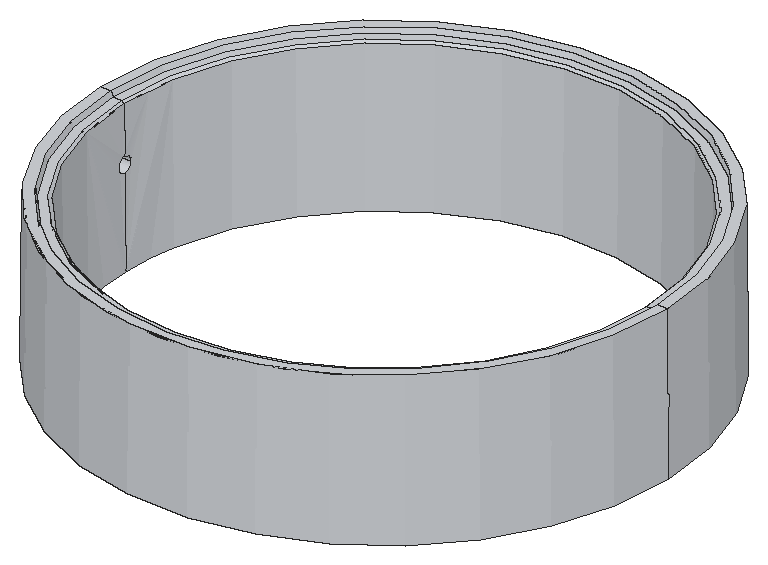
Revit family "Кольцо 2000х610 с замком КС 20.6", category Обобщенные модели, Revit 2023
Family settings
  Может служить основой для арматурных стержней = Нет
  Размер круглого соединителя = Использовать диаметр
  Тип детали = Нормальный
  На основе рабочей плоскости = Нет
  Всегда вертикально = Да
  При загрузке вырезать с полостями = Нет
  Сохранять ориентацию аннотаций = Нет
  Общий = Нет
  Точка принадлежности помещению = Нет
Parameters (values of type "Кольцо 2000х610 с замком КС 20.6")
  фаска = 10 mm
  толщ_на_h2_расч = (t1 - t2) / 2 * (h1 + h2) / ADSK_Размер_Высота + 10 mm  # 15.533 mm
  толщ_на_h1_расч = (t1 - t2) / 2 * h1 / ADSK_Размер_Высота + 10 mm  # 13.033 mm
  сужение_низ = 5 mm
  отступ_низ = 36 mm
  отступ_верх = 38.5 mm
  выступ = 20 mm
  вырез2 = no
  вырез1 = yes
  Отметка по умолчанию = 0 mm
  t2 = 90 mm
  t1 = 100 mm
  h2 = 305 mm
  h1 = 370 mm
  d1 = 20 mm * tan(20.00°)  # 7.279 mm
  ADSK_Размер_Диаметр = 2020 mm
  ADSK_Размер_Высота = 610 mm
  ADSK_Масса = 930
Reference planes
  plane 1 "По центру (Вперед/Назад)": y = 0
  plane 2: z = 0
  plane 3 "По центру (Влево/Вправо)": x = 0
  plane 4: x = 1010
  plane 5: x = -1010
  plane 6: y = 1010
  plane 7: y = -1010
  plane 8: z = 590
  plane 9: z = 610
  plane 10: z = 20
  plane 11: x = -1105
  plane 12: x = 1105
  plane 13: y = 1105
  plane 14: y = -1105
  plane 15: y = 1100
  plane 16: y = -1100
  plane 17: x = -1100
  plane 18: x = 1100
  plane 19: x = 1046
  plane 20: x = 1061.5
  plane 21: x = 1054.221
  plane 22: x = 1053.279
  plane 23: z = 580
  plane 24: x = 1020
  plane 25: z = 370
  plane 26: z = 675
  plane 27: y = 1005
  plane 28: y = -1005
  plane 29: x = -1005
  plane 30: x = 1005
  plane 31: x = -1089.467
  plane 32: x = -1091.967
  plane 33: x = 1089.467
  plane 34: x = 1091.967
Forms (mm)
  Revolve 1, solid
    sketch origin (0, 0, 0) x (1, 0, 0) y (0, 0, 1)
      loop
        line (1010, 580) -> (1005, 0) -> (1046, 0) -> (1053.279, 20) -> (1105, 20) -> (1100, 610) -> (1061.5, 610) -> (1054.221, 590) -> (1020, 590) -> (1010, 580)
      axis (0, 0) -> (0, 610)
    angle from 0 to 360
  Extrusion 2, void
    sketch origin (0, 0, 0) x (0, -1, 0) y (0, 0, 1)
      loop
        circle (0, 370) r 30
    from -1091.967 to 1091.967
Cuts and joins
  Extrusion 2 cuts Revolve 1
Dimensions and locks
  equal spacing: plane 5, plane 3 "По центру (Влево/Вправо)", plane 4
  equal spacing: plane 7, plane 1 "По центру (Вперед/Назад)", plane 6
  "ADSK_Размер_Диаметр": plane 5 to plane 4
  "ADSK_Размер_Диаметр": plane 7 to plane 6
  "выступ": plane 9 to plane 8
  "выступ": plane 10 to level
  "t1": plane 11 to plane 29
  "t1": plane 30 to plane 12
  "t2": plane 6 to plane 15
  "t2": plane 16 to plane 7
  "t2": plane 17 to plane 5
  "t2": plane 4 to plane 18
  "отступ_низ": plane 19 to plane 4
  "отступ_верх": plane 18 to plane 20
  "d1": plane 20 to plane 21
  "d1": plane 22 to plane 19
  "фаска": plane 8 to plane 23
  "фаска": plane 24 to plane 4
  "h1": plane 25 to level
  "h2": plane 26 to plane 25
  "ADSK_Размер_Высота": plane 9 to level
  "сужение_низ": plane 5 to plane 29
  "сужение_низ": plane 30 to plane 4
  "сужение_низ": plane 27 to plane 6
  "сужение_низ": plane 7 to plane 28
  "t1": plane 14 to plane 28
  "t1": plane 27 to plane 13
  "толщ_на_h2_расч": plane 31 to plane 11
  "толщ_на_h1_расч": plane 32 to plane 11
  "толщ_на_h2_расч": plane 12 to plane 33
  "толщ_на_h1_расч": plane 12 to plane 34
  aligned and locked: level to plane 2
  aligned and locked: Revolve 1 sketch curve to plane 8
  aligned and locked: Revolve 1 sketch curve to plane 9
  aligned and locked: plane 10 to Revolve 1 sketch curve
  aligned and locked: Revolve 1 sketch curve to level
  aligned and locked: Extrusion 2 to plane 32
  aligned and locked: plane 34 to Extrusion 2
Automatic sketch dimensions
  Revolve 1 sketch curve to level = 0 mm
  Revolve 1 sketch curve to plane 3 "По центру (Влево/Вправо)" = 0 mm
  Revolve 1 sketch curve to plane 30 = 0 mm
  Revolve 1 sketch curve to plane 4 = 0 mm
  Revolve 1 sketch curve to plane 24 = 0 mm
  Revolve 1 sketch curve to plane 19 = 0 mm
  Revolve 1 sketch curve to plane 22 = 0 mm
  Revolve 1 sketch curve to plane 21 = 0 mm
  Revolve 1 sketch curve to plane 20 = 0 mm
  Revolve 1 sketch curve to plane 18 = 0 mm
  Revolve 1 sketch curve to plane 12 = 0 mm
  Revolve 1 sketch curve to plane 23 = 0 mm
  Revolve 1 sketch curve to plane 9 = 0 mm
  Extrusion 2 sketch curve to plane 1 "По центру (Вперед/Назад)" = 0 mm
  Extrusion 2 sketch curve to plane 25 = 0 mm
  radius of Extrusion 2 sketch curve = 30 mm
